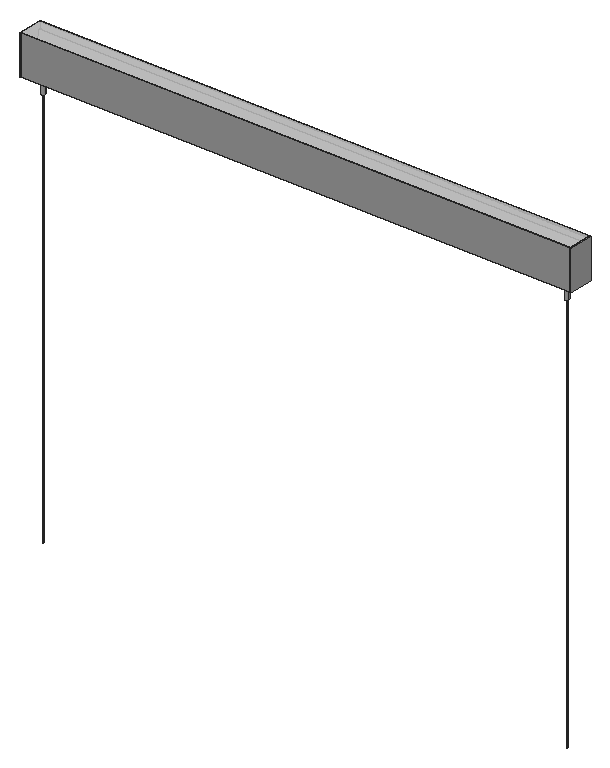
Revit family "2093143 Sylvania Lighting Fixture MC2-KIT 1-2M 4K DALI WHT PROS", category Lighting Fixtures, host Face, Revit 2016
Family settings
  Host = Face
  Part Type = Normal
  Round Connector Dimension = Use Diameter
  OmniClass Number = 23.80.70.11.17
  OmniClass Title = Specialized Lighting by Location or Use
  Cut with Voids When Loaded = No
  Light Source = Yes
  Shared = No
  Room Calculation Point = No
Parameters (values of type "2093143 MC2-KIT 1.2M 4K DALI WHT PRIS")
  Width_SYL = 54.0 mm
  Weight = "3.4 kg"
  Wattage = 21 W
  WarrantyStartDate [instance] = "n/a"
  WarrantyGuarantorParts = "n/a"
  WarrantyDurationUnit = "n/a"
  WarrantyDurationParts = "n/a"
  WarrantyDescription = "n/a"
  built-in parameter 1150110 = 1 (stored number, unit not read)
  Voltage = 0 V
  URL = "http://www.sylvania-lighting.com"
  TypeName = "MC2-KIT 1.2M 4K DALI WHT PRIS"
  built-in parameter 1114217 = 1 (stored number, unit not read)
  Tilt Angle = -90.00°
  built-in parameter 1150109 = 1 (stored number, unit not read)
  built-in parameter 1150134 = 12
  built-in parameter 1150113 = 1 (stored number, unit not read)
  SerialNumber [instance] = "n/a"
  PowerFactor = 0.98
  PowerConsumption = "21 W"
  NominalWidth = 0.0 mm
  NominalLength = 1200.0 mm
  NominalHeight = 86.0 mm
  Name = "MC2-KIT 1.2M 4K DALI WHT PRIS"
  ModelReference = "MC2-KIT 1.2M 4K DALI WHT PRIS"
  ModelNumber = "2093143"
  Material_3_SYL = Metal_Sylvania_Mini Contiuum II_Silver
  Photometric Web File = "2093143.ies"
  Material_4_SYL = Metal_Sylvania_Mini Contiuum II_Silver
  MountingHeight_SYL [instance] = 1000.0 mm
  Material = "aluminium housing, polycarbonate diffuser"
  ManufacturerName = "Feilo Sylvania"
  LuminousEfficacy = "106 lm/W"
  LuminaireType = ""
  LightOutputRatio = "100"
  Length_SYL = 1200.0 mm
  LampsType = Lamp  # "LED"
  LampNominalLuminous = "2221 lm"
  LampMacAdamStep = "3"
  LampColourTemperature = "4000 K"
  LampColourRenderingIndex = "80"
  Keynote = "16500"
  InstallationDate [instance] = "n/a"
  InputVoltage = "n/a"
  InputNominalFrequency = "n/a"
  IngressProtection = "IP20"
  ImpactProtectionIndex = "n/a"
  IfcExportType = "IfcLightFixtureType"
  IfcExportAs = "IfcLightFixtureType"
  Height_SYL = 86.0 mm
  ExpectedLife = 50000
  Emit from Rectangle Width = Width_SYL - 2.0 mm  # 52.0 mm
  Emit from Rectangle Length = Length_SYL  # 1200.0 mm
  Emit Shape Visible in Rendering = no
  ElectricShockClassification = "Class I"
  DurationUnit = "hours"
  DocumentationLiterature = "http://www.sylvania-lighting.com/product/en-int/products/2093143"
  DimmingControlOptions = "n/a"
  CreatedOn = "10/15/2018"
  CreatedBy = "@sylvania-lighting.com"
  built-in parameter 1114216 [instance] = 1 (stored number, unit not read)
  Model = "MC2-KIT 1.2M 4K DALI WHT PRIS"
  Manufacturer = "Feilo Sylvania"
  built-in parameter 1150105 = 177.14 (stored number, unit not read)
  Lumens = 2226 lm
  built-in parameter 1150115 = 1 (stored number, unit not read)
  built-in parameter 1150137 = (empty or 0)
  built-in parameter 1150139 = (empty or 0)
  built-in parameter 1150112 = 1 (stored number, unit not read)
  built-in parameter 1150114 = 1 (stored number, unit not read)
  Lamp = "LED"
  built-in parameter 1150132 = 2
  built-in parameter 1150102 = (empty or 0)
  built-in parameter 1150107 = 4000 (stored number, unit not read)
  built-in parameter 1150138 = (empty or 0)
  built-in parameter 1150106 = 1.7714 (stored number, unit not read)
  Material_1_SYL = Metal_Sylvania_Mini Continuum II_White
  built-in parameter 1150104 = 9.8477 (stored number, unit not read)
  Dimming Lamp Color Temperature Shift = <None>
  Material_2_SYL = Polycarbonate_Sylvania_Mini Continuum II_Opal_4000K
  Description = "2093143   MC2-KIT 1.2M 4K DALI WHT PRIS  Continuous lines of LED light, white RAL 9016, direct distribution, suspended kit version is pre-wired and supplied complete with end caps and suspension cables, compact and minimalist design based on the Golden Mean, ideal for offices, meeting rooms, corridors, education facilities, museums and libraries, extruded aluminium body, diffuser: micro prismatic, colour temperature: 4000K neutral white, total system power: 21W, total fixture output: 2095lm, luminaire efficacy: 100lm/W, LOR: 100%, colour rendering: Ra >80, LED Chromacity: 1 step MacAdam ellipse, lifetime: 60,000 hours at 90% of the original output (L90), energy class: A++, A+, A, IR/UV free light source without heat radiation, operating voltage: 220-240V / 50-60Hz, drive current: 800mA, electronic driver, DALI dimmable, electrical protection: CLASS I, IP20, suitable for internal environment only."
  Default Elevation = 0.0 mm
  Color Filter = 16777215
  built-in parameter 1140040 [instance] = 1
  BarCode [instance] = "n/a"
  built-in parameter 1114218 = 1 (stored number, unit not read)
  built-in parameter 1150133 = 10 (stored number, unit not read)
  AssetType = "Fixed"
  AssetIdentifier [instance] = "n/a"
  Assembly Code = "D5020200"
  Apparent Load = 21 VA
Reference planes
  plane 1 "Center (Front/Back)": y = 0
  plane 2 "Bottom Fixtures": z = 0
  plane 3 "Center (Left/Right)": x = 0
  plane 4 "Fixture Left": x = -600
  plane 5 "Fixture Right": x = 600
  plane 6 "Fixture Bottom": z = 1000
  plane 7: z = 998
  plane 8: z = 996
  plane 9: z = 986.951
  plane 10: z = 956.951
  plane 11 "Fixture Top": z = 914
  plane 12 "Mounting Right": x = 572
  plane 13 "Mounting Left": x = -572
  plane 14: z = 879
  plane 15: y = 27
  plane 16: y = -27
  plane 17: y = -26
  plane 18: y = -25
  plane 19: y = 26
  plane 20: y = 25
  plane 21: y = 11
  plane 22: y = -11
  plane 23: y = 24
  plane 24: y = 22
  plane 25: y = -22
  plane 26: y = 15
  plane 27: y = -15
  plane 28 "Upper Diffuser Left": x = -450
  plane 29 "Upper Diffuser Right": x = 450
  plane 30: x = -602
  plane 31: x = 602
Forms (mm)
  Extrusion 1, solid, material "Metal_Sylvania_Mini Continuum II_White" <- "Material_1_SYL", detail levels fine
    sketch origin (0, 0, 520) x (0, 1, 0) y (0, 0, 1)
      loop
        line (27, 480) -> (26, 480) -> (26, 478) -> (25, 478) -> (25, 396) -> (13, 396) -> (13, 398) -> (-13, 398) -> (-13, 396) -> (-25, 396) -> (-25, 478) -> (-26, 478) -> (-26, 480) -> (-27, 480) -> (-27, 394) -> (-11, 394) -> (-11, 396) -> (11, 396) -> (11, 394) -> (27, 394) -> (27, 480)
    from -600 to 600
  Extrusion 2, solid, material "Polycarbonate_Sylvania_Mini Continuum II_Opal_4000K" <- "Material_2_SYL", detail levels fine
    sketch origin (0, 0, 520) x (0, 1, 0) y (0, 0, 1)
      loop
        line (-26, 480) -> (-26, 478) -> (26, 478) -> (26, 480) -> (-26, 480)
    from -600 to 600
  Extrusion 3, solid, material "Metal_Sylvania_Mini Contiuum II_Silver" <- "Material_3_SYL", detail levels fine
    sketch origin (0, 0, 520) x (0, 1, 0) y (0, 0, 1)
      loop
        line (22, 466.951) -> (20.973, 466.951) -> (14.206, 437.951) -> (11, 437.951) -> (11, 436.951) -> (15, 436.951) -> (22, 466.951)
      loop
        line (-15, 436.951) -> (-11, 436.951) -> (-11, 437.951) -> (-14.206, 437.951) -> (-20.973, 466.951) -> (-22, 466.951) -> (-15, 436.951)
    from -600 to 600
  Extrusion 4, solid, material "Metal_Sylvania_Mini Continuum II_White" <- "Material_1_SYL", detail levels coarse+medium
    sketch origin (0, 0, 520) x (0, 1, 0) y (0, 0, 1)
      loop
        line (-27, 480) -> (-27, 394) -> (27, 394) -> (27, 480) -> (-27, 480)
    from -600 to 600
  Extrusion 5, solid, material "Metal_Sylvania_Mini Contiuum II_Silver" <- "Material_4_SYL", detail levels fine
    sketch origin (0, 0, -86) x (-1, 0, 0) y (0, -1, 0)
      loop
        circle (572, 0) r 4
      loop
        circle (-572, 0) r 4
    from 965 to 1002
  Extrusion 6, solid, material "Metal_Sylvania_Mini Contiuum II_Silver" <- "Material_4_SYL", detail levels fine
    sketch origin (0, 0, -86) x (-1, 0, 0) y (0, -1, 0)
      loop
        circle (-572, 0) r 1
      loop
        circle (572, 0) r 1
    from 86 to 965
  Extrusion 7, solid, material "Metal_Sylvania_Mini Continuum II_White" <- "Material_1_SYL"
    sketch origin (-600, 171.684, 1219.2) x (0, 1, 0) y (0, 0, 1)
      loop
        line (-198.684, -305.2) -> (-144.684, -305.2) -> (-144.684, -219.2) -> (-198.684, -219.2) -> (-198.684, -305.2)
    from 0 to -2
  Extrusion 8, solid, material "Metal_Sylvania_Mini Continuum II_White" <- "Material_1_SYL"
    sketch origin (600, 171.684, 1219.2) x (0, 1, 0) y (0, 0, -1)
      loop
        line (-144.684, 219.2) -> (-144.684, 305.2) -> (-198.684, 305.2) -> (-198.684, 219.2) -> (-144.684, 219.2)
    from 0 to -2
Lines and regions (mm)
  Masking region 1
    outline origin (0, 0, -86) x (-1, 0, 0) y (0, -1, 0)
      loop
        line (600, -27) -> (600, 27) -> (-600, 27) -> (-600, -27) -> (600, -27)
  symbolic lines, detail levels fine
    curve 1: line (-600, 26, -86) -> (600, 26, -86)
    curve 2: line (-600, -26, -86) -> (600, -26, -86)
  model lines, detail levels coarse+medium
    curve 3: line (-572, 0, 914) -> (-572, 0, 0)
    curve 4: line (572, 0, 914) -> (572, 0, 0)
Dimensions and locks
  host sketch curve to plane 3 "Center (Left/Right)" to host sketch curve = 820.0 mm, 775.047 mm
  equal spacing: plane 4 "Fixture Left", plane 3 "Center (Left/Right)", plane 5 "Fixture Right"
  "Length_SYL": plane 4 "Fixture Left" to plane 5 "Fixture Right"
  plane 6 "Fixture Bottom" to plane 7 to plane 8 to plane 9 to plane 10 = 2.0 mm locked, 2.0 mm locked, 9.049 mm locked, 30.0 mm locked
  locked: Extrusion 1 sketch curve to Extrusion 1 sketch curve at 2
  locked: Extrusion 1 sketch curve to plane 11 "Fixture Top" at 2
  "Height_SYL": plane 6 "Fixture Bottom" to plane 11 "Fixture Top"
  locked: plane 12 "Mounting Right" to plane 5 "Fixture Right" at 28
  locked: plane 4 "Fixture Left" to plane 13 "Mounting Left" at 28
  locked: plane 11 "Fixture Top" to plane 14 at 35
  "MountingHeight_SYL": plane 6 "Fixture Bottom" to plane 2 "Bottom Fixtures"
  equal spacing: plane 15, plane 1 "Center (Front/Back)", plane 16
  "Width_SYL": plane 15 to plane 16
  plane 22 to plane 27 to plane 25 to plane 18 to plane 17 to plane 16 = 4.0 mm locked, 7.0 mm locked, 3.0 mm locked, 1.0 mm locked, 1.0 mm locked
  plane 15 to plane 19 to plane 20 to plane 23 to plane 24 to plane 26 to plane 21 = 1.0 mm locked, 1.0 mm locked, 1.0 mm locked, 2.0 mm locked, 7.0 mm locked, 4.0 mm locked
  locked: plane 4 "Fixture Left" to plane 28 "Upper Diffuser Left" at 150
  locked: plane 29 "Upper Diffuser Right" to plane 5 "Fixture Right" at 150
  equal spacing: plane 30, plane 3 "Center (Left/Right)", plane 31
  locked: plane 30 to plane 4 "Fixture Left" at 2
  aligned and locked: plane 2 "Bottom Fixtures" to host face
  aligned and locked: level to host face
  aligned and locked: plane 5 "Fixture Right" to curve 1
  aligned and locked: plane 4 "Fixture Left" to curve 1
  aligned and locked: plane 4 "Fixture Left" to curve 2
  aligned and locked: plane 5 "Fixture Right" to curve 2
  aligned and locked: Extrusion 1 sketch curve to plane 7
  aligned and locked: plane 6 "Fixture Bottom" to Extrusion 1 sketch curve  (x2)
  aligned and locked: plane 7 to Extrusion 1 sketch curve
  aligned and locked: Extrusion 1 to Extrusion 2 sketch curve
  aligned and locked: Extrusion 2 sketch curve to Extrusion 1  (x3)
  aligned and locked: Extrusion 3 sketch curve to plane 10
  aligned and locked: plane 9 to Extrusion 3 sketch curve
  aligned and locked: Extrusion 3 sketch curve to plane 9
  aligned and locked: Extrusion 4 sketch curve to plane 6 "Fixture Bottom"
  aligned and locked: Extrusion 4 to plane 4 "Fixture Left"
  aligned and locked: Extrusion 2 to plane 4 "Fixture Left"
  aligned and locked: Extrusion 3 to plane 4 "Fixture Left"
  aligned and locked: Extrusion 1 to plane 4 "Fixture Left"
  aligned and locked: Extrusion 4 to plane 5 "Fixture Right"
  aligned and locked: Extrusion 2 to plane 5 "Fixture Right"
  aligned and locked: Extrusion 3 to plane 5 "Fixture Right"
  aligned and locked: Extrusion 1 to plane 5 "Fixture Right"
  aligned and locked: plane 11 "Fixture Top" to Extrusion 4 sketch curve
  aligned and locked: Extrusion 1 sketch curve to plane 11 "Fixture Top"  (x2)
  aligned and locked: Extrusion 1 sketch curve to Extrusion 1 sketch curve
  aligned and locked: plane 6 "Fixture Bottom" to imposter light
  aligned and locked: plane 11 "Fixture Top" to curve 3
  aligned and locked: plane 2 "Bottom Fixtures" to curve 3
  aligned and locked: plane 11 "Fixture Top" to curve 4
  aligned and locked: plane 2 "Bottom Fixtures" to curve 4
  aligned and locked: curve 4 to plane 12 "Mounting Right"
  aligned and locked: curve 3 to plane 13 "Mounting Left"
  aligned and locked: Extrusion 5 to Extrusion 1
  aligned and locked: Extrusion 5 to plane 14
  aligned and locked: plane 14 to Extrusion 6
  aligned and locked: Extrusion 6 to level
  aligned and locked: plane 21 to Extrusion 3 sketch curve
  aligned and locked: Extrusion 3 sketch curve to plane 22
  aligned and locked: Extrusion 7 sketch curve to Extrusion 4  (x4)
  aligned and locked: Extrusion 7 to plane 30
  aligned and locked: plane 4 "Fixture Left" to Extrusion 7
  aligned and locked: Extrusion 8 sketch curve to Extrusion 4  (x4)
  aligned and locked: plane 31 to Extrusion 8
  aligned and locked: plane 5 "Fixture Right" to Extrusion 8
Automatic sketch dimensions
  host sketch curve to host sketch curve = 1047.463 mm
  plane 19 to curve 1 = 0.0 mm
  curve 2 to plane 17 = 0.0 mm
  Masking region 1 sketch curve to plane 5 "Fixture Right" = 0.0 mm
  Masking region 1 sketch curve to plane 4 "Fixture Left" = 0.0 mm
  plane 15 to Masking region 1 sketch curve = 0.0 mm
  Masking region 1 sketch curve to plane 16 = 0.0 mm
  Extrusion 1 sketch curve to plane 16 = 0.0 mm
  Extrusion 1 sketch curve to plane 17 = 0.0 mm
  Extrusion 1 sketch curve to plane 18 = 0.0 mm
  Extrusion 1 sketch curve to plane 22 = 0.0 mm
  Extrusion 1 sketch curve to plane 21 = 0.0 mm
  Extrusion 1 sketch curve to plane 20 = 0.0 mm
  Extrusion 1 sketch curve to plane 19 = 0.0 mm
  Extrusion 1 sketch curve to plane 15 = 0.0 mm
  plane 11 "Fixture Top" to Extrusion 1 sketch curve = 2.0 mm
  Extrusion 1 sketch curve to plane 22 = 2.0 mm
  Extrusion 1 sketch curve to plane 21 = 2.0 mm
  Extrusion 3 sketch curve to plane 25 = 0.0 mm
  Extrusion 3 sketch curve to plane 27 = 0.0 mm
  Extrusion 3 sketch curve to plane 26 = 0.0 mm
  Extrusion 3 sketch curve to plane 24 = 0.0 mm
  plane 10 to Extrusion 3 sketch curve = 1.0 mm
  Extrusion 3 sketch curve to Extrusion 3 sketch curve = 1.027 mm
  plane 27 to Extrusion 3 sketch curve = 0.794 mm
  plane 26 to Extrusion 3 sketch curve = 0.794 mm
  plane 24 to Extrusion 3 sketch curve = 1.027 mm
  Extrusion 4 sketch curve to plane 16 = 0.0 mm
  Extrusion 4 sketch curve to plane 15 = 0.0 mm
  plane 1 "Center (Front/Back)" to Extrusion 5 sketch curve = 0.0 mm  (x2)
  Extrusion 5 sketch curve to plane 12 "Mounting Right" = 0.0 mm
  Extrusion 5 sketch curve to plane 13 "Mounting Left" = 0.0 mm
  plane 1 "Center (Front/Back)" to Extrusion 6 sketch curve = 0.0 mm  (x2)
  Extrusion 6 sketch curve to plane 12 "Mounting Right" = 0.0 mm
  Extrusion 6 sketch curve to plane 13 "Mounting Left" = 0.0 mm
  Extrusion 3 sketch curve to Extrusion 3 sketch curve = 0.0 mm
  Extrusion 3 sketch curve to plane 10 = 0.0 mm
  radius of Extrusion 5 sketch curve = 4.0 mm  (x2)
  radius of Extrusion 6 sketch curve = 1.0 mm  (x2)
Connectors
  electrical at (600, 0, 949), driven by "Apparent Load"
    settings: on Extrusion 1, index 1, voltage 230 V, apparent load 0 VA, apparent load phase1 21 VA, apparent load phase2 0 VA, apparent load phase3 0 VA, power factor 1, load classification "Lighting", number of poles 1, system type 31, power factor state 1, is connector primary yes, connector utility no, sub classification motor no, connector description ""
